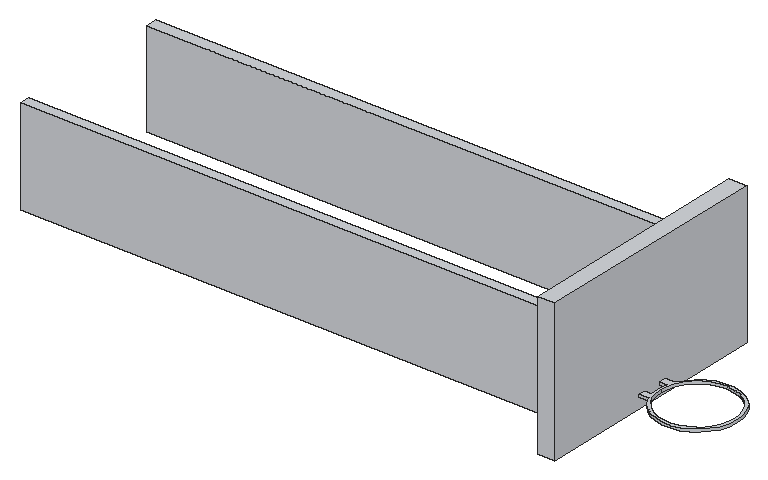
Revit family "АВЛН_Кольцо баскетбольное", category Мебель, Revit 2019
Family settings
  Номер OmniClass = 23.40.20.00
  Заголовок OmniClass = General Furniture and Specialties
  На основе рабочей плоскости = Нет
  Всегда вертикально = Да
  При загрузке вырезать с полостями = Нет
  Общий = Нет
  Точка расчета площади = Нет
Parameters (values of type "Щит баскетбольный с кольцом, сеткой и конструкцией крепления")
  Описание = "Щит баскетбольный с кольцом, сеткой и Компл.\r\n-ИОС7.1.С\r\nЛист\r\n12\r\nИзм. Кол.уч Лист № док. Подп. Дата\r\nФормат А4\r\nконструкцией крепления, размер щита 136х80см,\r\nдиаметр кольца 45см"
  Короткое крепление = no
  Type Comments = ""
  Keynote = ""
  Manufacturer = ""
  Длина опоры = 3100 mm
  Группа модели = "Оборудование Спортивной зоны"
  Выносное крепление = yes
  ADSK_Размер_Ширина = 1360 mm
  ADSK_Размер_Длина = 100 mm
  ADSK_Размер_Высота = 800 mm
  ADSK_Обозначение = ""
  ADSK_Масса = 0
  ADSK_Код изделия = ""
  ADSK_Единица измерения = "Компл."
Types (3, lengths in mm): name | Описание | Короткое крепление | Длина опоры | ADSK_Размер_Ширина | ADSK_Размер_Высота
  (no name) | "Щит баскетбольный с кольцом, сеткой и Компл.\r\n-ИОС7.1.С\r\nЛист\r\n12\r\nИзм. Кол.уч Лист № док. Подп. Дата\r\nФормат А4\r\nконструкцией крепления, размер щита 136х80см,\r\nдиаметр кольца 45см" | no | 3100 | 1360 | 800
  Щит баскетбольный тренировочный переменной | "Щит баскетбольный тренировочный переменной\r\nвысоты, размер щита 1200х900мм, диаметр кольца\r\n450мм" | yes | 520 | 1200 | 900
  Щит баскетбольный с кольцом, сеткой и конструкцией крепления | "Щит баскетбольный с кольцом, сеткой и Компл.\r\n-ИОС7.1.С\r\nЛист\r\n12\r\nИзм. Кол.уч Лист № док. Подп. Дата\r\nФормат А4\r\nконструкцией крепления, размер щита 136х80см,\r\nдиаметр кольца 45см" | no | 3100 | 1360 | 800
Reference planes
  plane 1 "По центру (Вперед/Назад)": y = 0
  plane 2: z = 0
  plane 3 "По центру (Влево/Вправо)": x = 0
  plane 4: z = 800
  plane 5: y = 680
  plane 6: x = 50
  plane 7: x = -50
  plane 8: y = -680
  plane 9: x = -3150
Forms (mm)
  Extrusion 1, solid
    sketch origin (0, -518.993, 592.976) x (-1, 0, 0) y (0, -1, 0)
      loop
        line (-50, -1198.993) -> (50, -1198.993) -> (50, 161.007) -> (-50, 161.007) -> (-50, -1198.993)
    from -592.976 to 207.024
  Extrusion 2, solid
    sketch origin (0, -518.993, 593.47) x (-1, 0, 0) y (0, -1, 0)
      loop
        arc (-96.334, -572.006) -> (-90, -518.993) -> (-96.334, -465.98) r 225
        line (-96.334, -465.98) -> (-50, -465.98) -> (-50, -425.98) -> (-110.125, -425.98)
        arc (-110.125, -425.98) -> (-540, -518.993) -> (-110.125, -612.006) r 225
        line (-110.125, -612.006) -> (-50, -612.006) -> (-50, -572.006) -> (-96.334, -572.006)
      loop
        circle (-315, -518.993) r 210
    from -528.47 to -513.47
  Extrusion 3, solid, visible <- "Короткое крепление"
    sketch origin (0, -518.993, 592.976) x (-1, 0, 0) y (0, -1, 0)
      loop
        line (50, -518.993) -> (50, -1158.993) -> (3150, -798.993) -> (50, -518.993)
    from 0 to 15
  Extrusion 4, solid, visible <- "Короткое крепление"
    sketch origin (0, -518.993, 592.976) x (-1, 0, 0) y (0, -1, 0)
      loop
        line (50, -518.993) -> (3150, -238.993) -> (50, 121.007) -> (50, -518.993)
    from 0 to 15
  Extrusion 5, solid, visible <- "Выносное крепление"
    sketch origin (0, -518.993, 592.976) x (-1, 0, 0) y (0, -1, 0)
      loop
        line (50, -938.993) -> (50, -998.522) -> (3150, -998.522) -> (3150, -938.993) -> (50, -938.993)
      loop
        line (50, -98.993) -> (3150, -98.993) -> (3150, -38.993) -> (50, -38.993) -> (50, -98.993)
    from -527.976 to 15
Lines and regions (mm)
  symbolic lines, visible <- "Выносное крепление"
    curve 1: line (-3070, 420, 592.976) -> (-3070, -420, 592.976)
    curve 2: line (-2270, 420, 592.976) -> (-2270, -420, 592.976)
    curve 3: line (-1470, 420, 592.976) -> (-1470, -420, 592.976)
    curve 4: line (-670, 420, 592.976) -> (-670, -420, 592.976)
    curve 5: line (-3070, -420, 592.976) -> (-2270, 420, 592.976)
    curve 6: line (-2270, -420, 592.976) -> (-3070, 420, 592.976)
    curve 7: line (-2270, -420, 592.976) -> (-1470, 420, 592.976)
    curve 8: line (-1470, -420, 592.976) -> (-2270, 420, 592.976)
    curve 9: line (-1470, -420, 592.976) -> (-670, 420, 592.976)
    curve 10: line (-670, -420, 592.976) -> (-1470, 420, 592.976)
    curve 11: line (-670, -420, 592.976) -> (-50, 420, 592.976)
    curve 12: line (-50, -420, 592.976) -> (-670, 420, 592.976)
Dimensions and locks
  plane 2 to plane 4 = 800 mm
  equal spacing: plane 8, plane 1 "По центру (Вперед/Назад)", plane 5
  equal spacing: plane 7, plane 3 "По центру (Влево/Вправо)", plane 6
  "ADSK_Размер_Длина": plane 7 to plane 6
  "ADSK_Размер_Ширина": plane 5 to plane 8
  "ADSK_Размер_Высота": plane 2 to plane 4
  "Длина опоры": plane 9 to plane 7
  locked: plane 5 to Extrusion 3 sketch curve at 40
  locked: Extrusion 4 sketch curve to plane 8 at 40
  Extrusion 5 sketch curve to Extrusion 5 sketch curve to plane 8 = 60 mm locked, 200 mm locked
  plane 5 to Extrusion 5 sketch curve to Extrusion 5 sketch curve = 200.471 mm locked, 59.529 mm locked
  aligned and locked: level to plane 2
  aligned and locked: plane 5 to Extrusion 1 sketch curve
  aligned and locked: Extrusion 1 sketch curve to plane 6
  aligned and locked: Extrusion 1 sketch curve to plane 8
  aligned and locked: Extrusion 1 sketch curve to plane 7
  aligned and locked: Extrusion 1 to level
  aligned and locked: Extrusion 1 to plane 4
  aligned and locked: Extrusion 2 to plane 6
  aligned and locked: plane 1 "По центру (Вперед/Назад)" to Extrusion 2
  aligned and locked: plane 9 to Extrusion 3 sketch curve
  aligned and locked: plane 7 to Extrusion 3 sketch curve
  aligned and locked: plane 1 "По центру (Вперед/Назад)" to Extrusion 3 sketch curve
  aligned and locked: Extrusion 4 sketch curve to plane 7
  aligned and locked: plane 1 "По центру (Вперед/Назад)" to Extrusion 4 sketch curve
  aligned and locked: plane 9 to Extrusion 4 sketch curve
  aligned and locked: Extrusion 5 sketch curve to Extrusion 1  (x2)
  aligned and locked: Extrusion 5 sketch curve to plane 9  (x2)
  aligned and locked: Extrusion 5 to Extrusion 2
  aligned and locked: Extrusion 5 to curve 1  (x2)
Automatic sketch dimensions
  Extrusion 3 sketch curve to plane 1 "По центру (Вперед/Назад)" = 280 mm
  plane 1 "По центру (Вперед/Назад)" to Extrusion 4 sketch curve = 280 mm
  Extrusion 2 sketch curve to Extrusion 2 sketch curve = 0 mm  (x6)
  plane 1 "По центру (Вперед/Назад)" to Extrusion 2 sketch curve = 0 mm
  Extrusion 2 sketch curve to plane 6 = 0 mm  (x2)
  plane 6 to Extrusion 2 sketch curve = 46.334 mm
  Extrusion 2 sketch curve to Extrusion 2 sketch curve = 46.334 mm
  Extrusion 2 sketch curve to Extrusion 2 sketch curve = 13.791 mm  (x2)
  Extrusion 2 sketch curve to Extrusion 2 sketch curve = 204.875 mm
  Extrusion 2 sketch curve to plane 1 "По центру (Вперед/Назад)" = 53.013 mm
  Extrusion 2 sketch curve to Extrusion 2 sketch curve = 40 mm
  curve 12 to plane 7 = 0 mm
  curve 11 to plane 7 = 0 mm
  curve 9 to plane 5 = 260 mm
  curve 11 to curve 9 = 620 mm
  plane 8 to curve 9 = 260 mm
  curve 4 to curve 9 = 800 mm
  curve 8 to plane 5 = 260 mm
  curve 3 to curve 8 = 800 mm
  plane 9 to curve 5 = 80 mm
  curve 10 to plane 5 = 260 mm
  plane 8 to curve 6 = 260 mm
  plane 8 to curve 4 = 260 mm
  curve 11 to plane 5 = 260 mm
  plane 8 to curve 12 = 260 mm
  radius of Extrusion 2 sketch curve = 210 mm
